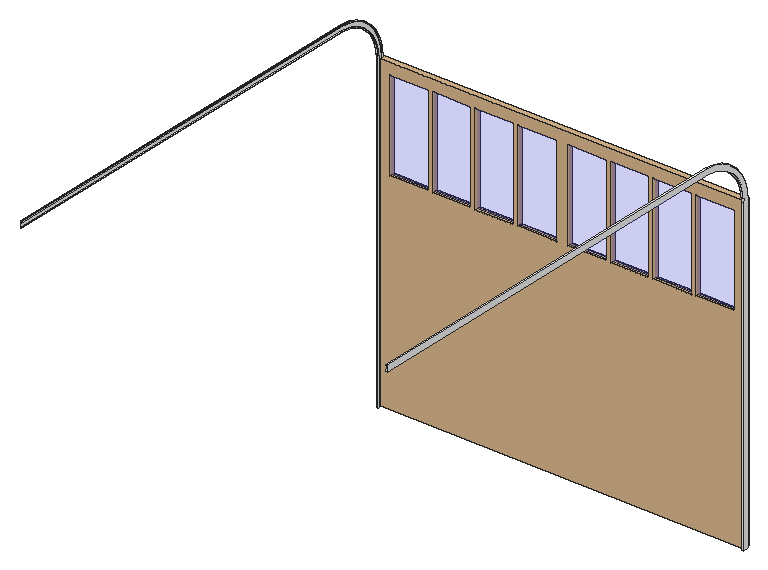
Revit family
Parameters (values of type "7Ft H x 8Ft W")
  Track Width = Width + 0' 2"  # 8' - 2"
  Track Height = Height + 1' 0"  # 8' - 0"
  Track Depth = 10' - 0"
  Track = Metal
  SmartBIM Object Version = 1  # constant formula
  SmartBIM Object Created By = "Reed Construction Data"  # constant formula
  Rough Width = 0' - 0"
  Rough Height = 0' - 0"
  Panel Thickness = 0' - 1 1/2"
  Manufacturer = ""
  Height = 7' - 0"
  Wall Closure = (empty or 0)
  Width = 8' - 0"
  Door Glass = Glass
  Door = Wood
  95 CSI = "08360"  # constant formula
  04 CSI = "08 36 13"  # constant formula
Types (3): name | Track Width | Width
  (no name) | 8' - 2" | 8' - 0"
  7Ft H x 8Ft W | 8' - 2" | 8' - 0"
  7Ft H x 16Ft W | 16' - 2" | 16' - 0"
Reference planes (in)
  plane 1 "Center (Front/Back)": y = 0
  plane 2 "Center (Left/Right)": x = 0
  plane 3 "Left": x = -48
  plane 4 "Right": x = 48
  plane 5 "Top": z = 84
  plane 6: x = -49
  plane 7: x = 49
  plane 8: y = -3.25
  plane 9: z = 29
  plane 10: z = 81
  plane 11: y = -2.5
  plane 12: y = -2.5
  plane 13 "Ext": y = -3.25
  plane 14: y = -2.5
  plane 15 "Int": y = -1.75
  plane 16: x = -24
  plane 17: x = 24
  plane 18: z = 3
  plane 19: z = 55
  plane 20: x = 12
  plane 21: x = 36
  plane 22: x = -36
  plane 23: x = -12
  plane 24: z = 56.5
  plane 25: y = -2.5
Forms (in)
  Extrusion 1, solid, material "Wood" <- "Door"
    sketch origin (0, 0, 0) x (1, 0, 0) y (0, 0, 1)
      loop
        line (-49, 84) -> (-49, 0) -> (49, 0) -> (49, 84) -> (-49, 84)
      loop
        line (-36, 81) -> (-46.5, 81) -> (-46.5, 56.5) -> (-36, 56.5) -> (-36, 81)
      loop
        line (-24.5, 81) -> (-35, 81) -> (-35, 56.5) -> (-24.5, 56.5) -> (-24.5, 81)
      loop
        line (-13, 81) -> (-23.5, 81) -> (-23.5, 56.5) -> (-13, 56.5) -> (-13, 81)
      loop
        line (-1.5, 81) -> (-12, 81) -> (-12, 56.5) -> (-1.5, 56.5) -> (-1.5, 81)
      loop
        line (1.5, 81) -> (1.5, 56.5) -> (12, 56.5) -> (12, 81) -> (1.5, 81)
      loop
        line (13, 81) -> (13, 56.5) -> (23.5, 56.5) -> (23.5, 81) -> (13, 81)
      loop
        line (24.5, 81) -> (24.5, 56.5) -> (35, 56.5) -> (35, 81) -> (24.5, 81)
      loop
        line (36, 81) -> (36, 56.5) -> (46.5, 56.5) -> (46.5, 81) -> (36, 81)
    from 1.75 to 3.25
  Extrusion 2, solid, material "Glass" <- "Door Glass"
    sketch origin (0, -3.25, 0) x (1, 0, 0) y (0, 0, 1)
      loop
        line (-46.5, 56.5) -> (-36, 56.5) -> (-36, 81) -> (-46.5, 81) -> (-46.5, 56.5)
      loop
        line (-35, 56.5) -> (-24.5, 56.5) -> (-24.5, 81) -> (-35, 81) -> (-35, 56.5)
      loop
        line (-23.5, 56.5) -> (-13, 56.5) -> (-13, 81) -> (-23.5, 81) -> (-23.5, 56.5)
      loop
        line (-12, 56.5) -> (-1.5, 56.5) -> (-1.5, 81) -> (-12, 81) -> (-12, 56.5)
      loop
        line (1.5, 56.5) -> (12, 56.5) -> (12, 81) -> (1.5, 81) -> (1.5, 56.5)
      loop
        line (13, 81) -> (13, 56.5) -> (23.5, 56.5) -> (23.5, 81) -> (13, 81)
      loop
        line (24.5, 81) -> (24.5, 56.5) -> (35, 56.5) -> (35, 81) -> (24.5, 81)
      loop
        line (36, 81) -> (36, 56.5) -> (46.5, 56.5) -> (46.5, 81) -> (36, 81)
    from -1 to -0.5
Lines and regions (in)
  Opening 1
    outline origin (-90, -1.75, 0) x (1, 0, 0) y (0, 0, 1)
      loop
        line (42, 0) -> (138, 0) -> (138, 84) -> (42, 84) -> (42, 0)
  model lines
    curve 1: line (-46.5, -3.25, 3) -> (-46.5, -3.25, 28)
    curve 2: line (46.5, -1.75, 3) -> (46.5, -1.75, 28)
    curve 3: line (-36, -3.25, 3) -> (-36, -3.25, 28)
    curve 4: line (-36, -3.25, 28) -> (-46.5, -3.25, 28)
    curve 5: line (-36, -3.25, 3) -> (-46.5, -3.25, 3)
    curve 6: line (-35, -3.25, 3) -> (-35, -3.25, 28)
    curve 7: line (-24.5, -3.25, 3) -> (-24.5, -3.25, 28)
    curve 8: line (-24.5, -3.25, 28) -> (-35, -3.25, 28)
    curve 9: line (-24.5, -3.25, 3) -> (-35, -3.25, 3)
    curve 10: line (-23.5, -3.25, 3) -> (-23.5, -3.25, 28)
    curve 11: line (-13, -3.25, 3) -> (-13, -3.25, 28)
    curve 12: line (-13, -3.25, 28) -> (-23.5, -3.25, 28)
    curve 13: line (-13, -3.25, 3) -> (-23.5, -3.25, 3)
    curve 14: line (-12, -3.25, 3) -> (-12, -3.25, 28)
    curve 15: line (-1.5, -3.25, 3) -> (-1.5, -3.25, 28)
    curve 16: line (-1.5, -3.25, 28) -> (-12, -3.25, 28)
    curve 17: line (-1.5, -3.25, 3) -> (-12, -3.25, 3)
    curve 18: line (12, -3.25, 3) -> (12, -3.25, 28)
    curve 19: line (1.5, -3.25, 3) -> (1.5, -3.25, 28)
    curve 20: line (1.5, -3.25, 28) -> (12, -3.25, 28)
    curve 21: line (1.5, -3.25, 3) -> (12, -3.25, 3)
    curve 22: line (23.5, -3.25, 3) -> (23.5, -3.25, 28)
    curve 23: line (13, -3.25, 3) -> (13, -3.25, 28)
    curve 24: line (13, -3.25, 28) -> (23.5, -3.25, 28)
    curve 25: line (13, -3.25, 3) -> (23.5, -3.25, 3)
    curve 26: line (35, -3.25, 3) -> (35, -3.25, 28)
    curve 27: line (24.5, -3.25, 3) -> (24.5, -3.25, 28)
    curve 28: line (24.5, -3.25, 28) -> (35, -3.25, 28)
    curve 29: line (24.5, -3.25, 3) -> (35, -3.25, 3)
    curve 30: line (46.5, -3.25, 3) -> (46.5, -3.25, 28)
    curve 31: line (36, -3.25, 3) -> (36, -3.25, 28)
    curve 32: line (36, -3.25, 28) -> (46.5, -3.25, 28)
    curve 33: line (36, -3.25, 3) -> (46.5, -3.25, 3)
    curve 34: line (-46.5, -3.25, 54) -> (-46.5, -3.25, 29)
    curve 35: line (-36, -3.25, 54) -> (-36, -3.25, 29)
    curve 36: line (-36, -3.25, 29) -> (-46.5, -3.25, 29)
    curve 37: line (-36, -3.25, 54) -> (-46.5, -3.25, 54)
    curve 38: line (-35, -3.25, 54) -> (-35, -3.25, 29)
    curve 39: line (-24.5, -3.25, 54) -> (-24.5, -3.25, 29)
    curve 40: line (-24.5, -3.25, 29) -> (-35, -3.25, 29)
    curve 41: line (-24.5, -3.25, 54) -> (-35, -3.25, 54)
    curve 42: line (-23.5, -3.25, 54) -> (-23.5, -3.25, 29)
    curve 43: line (-13, -3.25, 54) -> (-13, -3.25, 29)
    curve 44: line (-13, -3.25, 29) -> (-23.5, -3.25, 29)
    curve 45: line (-13, -3.25, 54) -> (-23.5, -3.25, 54)
    curve 46: line (-12, -3.25, 54) -> (-12, -3.25, 29)
    curve 47: line (-1.5, -3.25, 54) -> (-1.5, -3.25, 29)
    curve 48: line (-1.5, -3.25, 29) -> (-12, -3.25, 29)
    curve 49: line (-1.5, -3.25, 54) -> (-12, -3.25, 54)
    curve 50: line (12, -3.25, 54) -> (12, -3.25, 29)
    curve 51: line (1.5, -3.25, 54) -> (1.5, -3.25, 29)
    curve 52: line (1.5, -3.25, 29) -> (12, -3.25, 29)
    curve 53: line (1.5, -3.25, 54) -> (12, -3.25, 54)
    curve 54: line (23.5, -3.25, 54) -> (23.5, -3.25, 29)
    curve 55: line (13, -3.25, 54) -> (13, -3.25, 29)
    curve 56: line (13, -3.25, 29) -> (23.5, -3.25, 29)
    curve 57: line (13, -3.25, 54) -> (23.5, -3.25, 54)
    curve 58: line (35, -3.25, 54) -> (35, -3.25, 29)
    curve 59: line (24.5, -3.25, 54) -> (24.5, -3.25, 29)
    curve 60: line (24.5, -3.25, 29) -> (35, -3.25, 29)
    curve 61: line (24.5, -3.25, 54) -> (35, -3.25, 54)
    curve 62: line (46.5, -3.25, 54) -> (46.5, -3.25, 29)
    curve 63: line (36, -3.25, 54) -> (36, -3.25, 29)
    curve 64: line (36, -3.25, 29) -> (46.5, -3.25, 29)
    curve 65: line (36, -3.25, 54) -> (46.5, -3.25, 54)
    curve 66: line (46.5, -1.75, 28) -> (36, -1.75, 28)
    curve 67: line (36, -1.75, 3) -> (36, -1.75, 28)
    curve 68: line (36, -1.75, 3) -> (46.5, -1.75, 3)
    curve 69: line (35, -1.75, 3) -> (35, -1.75, 28)
    curve 70: line (35, -1.75, 28) -> (24.5, -1.75, 28)
    curve 71: line (24.5, -1.75, 3) -> (24.5, -1.75, 28)
    curve 72: line (24.5, -1.75, 3) -> (35, -1.75, 3)
    curve 73: line (23.5, -1.75, 3) -> (23.5, -1.75, 28)
    curve 74: line (23.5, -1.75, 28) -> (13, -1.75, 28)
    curve 75: line (13, -1.75, 3) -> (13, -1.75, 28)
    curve 76: line (13, -1.75, 3) -> (23.5, -1.75, 3)
    curve 77: line (12, -1.75, 3) -> (12, -1.75, 28)
    curve 78: line (12, -1.75, 28) -> (1.5, -1.75, 28)
    curve 79: line (1.5, -1.75, 3) -> (1.5, -1.75, 28)
    curve 80: line (1.5, -1.75, 3) -> (12, -1.75, 3)
    curve 81: line (-12, -1.75, 3) -> (-12, -1.75, 28)
    curve 82: line (-12, -1.75, 28) -> (-1.5, -1.75, 28)
    curve 83: line (-1.5, -1.75, 3) -> (-1.5, -1.75, 28)
    curve 84: line (-1.5, -1.75, 3) -> (-12, -1.75, 3)
    curve 85: line (-23.5, -1.75, 3) -> (-23.5, -1.75, 28)
    curve 86: line (-23.5, -1.75, 28) -> (-13, -1.75, 28)
    curve 87: line (-13, -1.75, 3) -> (-13, -1.75, 28)
    curve 88: line (-13, -1.75, 3) -> (-23.5, -1.75, 3)
    curve 89: line (-35, -1.75, 3) -> (-35, -1.75, 28)
    curve 90: line (-35, -1.75, 28) -> (-24.5, -1.75, 28)
    curve 91: line (-24.5, -1.75, 3) -> (-24.5, -1.75, 28)
    curve 92: line (-24.5, -1.75, 3) -> (-35, -1.75, 3)
    curve 93: line (-46.5, -1.75, 3) -> (-46.5, -1.75, 28)
    curve 94: line (-46.5, -1.75, 28) -> (-36, -1.75, 28)
    curve 95: line (-36, -1.75, 3) -> (-36, -1.75, 28)
    curve 96: line (-36, -1.75, 3) -> (-46.5, -1.75, 3)
    curve 97: line (46.5, -1.75, 54) -> (46.5, -1.75, 29)
    curve 98: line (46.5, -1.75, 29) -> (36, -1.75, 29)
    curve 99: line (36, -1.75, 54) -> (36, -1.75, 29)
    curve 100: line (36, -1.75, 54) -> (46.5, -1.75, 54)
    curve 101: line (35, -1.75, 54) -> (35, -1.75, 29)
    curve 102: line (35, -1.75, 29) -> (24.5, -1.75, 29)
    curve 103: line (24.5, -1.75, 54) -> (24.5, -1.75, 29)
    curve 104: line (24.5, -1.75, 54) -> (35, -1.75, 54)
    curve 105: line (23.5, -1.75, 54) -> (23.5, -1.75, 29)
    curve 106: line (23.5, -1.75, 29) -> (13, -1.75, 29)
    curve 107: line (13, -1.75, 54) -> (13, -1.75, 29)
    curve 108: line (13, -1.75, 54) -> (23.5, -1.75, 54)
    curve 109: line (12, -1.75, 54) -> (12, -1.75, 29)
    curve 110: line (12, -1.75, 29) -> (1.5, -1.75, 29)
    curve 111: line (1.5, -1.75, 54) -> (1.5, -1.75, 29)
    curve 112: line (1.5, -1.75, 54) -> (12, -1.75, 54)
    curve 113: line (-12, -1.75, 54) -> (-12, -1.75, 29)
    curve 114: line (-12, -1.75, 29) -> (-1.5, -1.75, 29)
    curve 115: line (-1.5, -1.75, 54) -> (-1.5, -1.75, 29)
    curve 116: line (-1.5, -1.75, 54) -> (-12, -1.75, 54)
    curve 117: line (-23.5, -1.75, 54) -> (-23.5, -1.75, 29)
    curve 118: line (-23.5, -1.75, 29) -> (-13, -1.75, 29)
    curve 119: line (-13, -1.75, 54) -> (-13, -1.75, 29)
    curve 120: line (-13, -1.75, 54) -> (-23.5, -1.75, 54)
    curve 121: line (-35, -1.75, 54) -> (-35, -1.75, 29)
    curve 122: line (-35, -1.75, 29) -> (-24.5, -1.75, 29)
    curve 123: line (-24.5, -1.75, 54) -> (-24.5, -1.75, 29)
    curve 124: line (-24.5, -1.75, 54) -> (-35, -1.75, 54)
    curve 125: line (-46.5, -1.75, 54) -> (-46.5, -1.75, 29)
    curve 126: line (-46.5, -1.75, 29) -> (-36, -1.75, 29)
    curve 127: line (-36, -1.75, 54) -> (-36, -1.75, 29)
    curve 128: line (-36, -1.75, 54) -> (-46.5, -1.75, 54)
Text (in)
  text "Exterior" at (-74.96733, 27.31104, 0), in view "Ref. Level"
  text "Interior" at (-76.69036, -30.31274, 0), in view "Ref. Level"
  text "Exterior" at (0, 40.15149, 123.01588), in view "Right"
  text "Interior" at (0, -64.39139, 123.01588), in view "Right"
  text "Interior" at (0, -31.01599, 123.00693), in view "Left"
  text "Exterior" at (0, 54.57065, 123.00693), in view "Left"
Dimensions and locks (in)
  equal spacing: plane 3 "Left", plane 2 "Center (Left/Right)", plane 4 "Right"
  "Width": plane 3 "Left" to plane 4 "Right"
  locked: plane 6 to plane 3 "Left" at 1
  locked: plane 4 "Right" to plane 7 at 1
  locked: plane 10 to plane 5 "Top" at 3
  plane 2 "Center (Left/Right)" to plane 4 "Right" = 4' - 0"
  plane 2 "Center (Left/Right)" to plane 3 "Left" = 4' - 0"
  host wall to plane 11 to plane 8 = 0' - 0 3/4", 0' - 0 3/4"
  equal spacing: plane 13 "Ext", plane 14, plane 15 "Int"
  "Panel Thickness": plane 15 "Int" to plane 13 "Ext"
  plane 5 "Top" to plane 10 = 0' - 3"
  equal spacing: plane 4 "Right", plane 21, plane 17, plane 20, plane 2 "Center (Left/Right)"
  equal spacing: plane 7, plane 2 "Center (Left/Right)", plane 6
  locked: plane 18 to level at 3
  equal spacing: plane 10, plane 19, plane 9, plane 18
  locked: plane 6 to Extrusion 1 sketch curve at 2.5
  equal spacing: plane 3 "Left", plane 22, plane 16, plane 23, plane 2 "Center (Left/Right)"
  locked: plane 2 "Center (Left/Right)" to Extrusion 1 sketch curve at 1.5
  locked: plane 22 to Extrusion 1 sketch curve at 1
  locked: plane 23 to Extrusion 1 sketch curve at 1
  equal spacing: Extrusion 1 sketch curve, plane 16, Extrusion 1 sketch curve
  locked: Extrusion 1 sketch curve to plane 2 "Center (Left/Right)" at 1.5
  locked: Extrusion 1 sketch curve to plane 21 at 1
  locked: Extrusion 1 sketch curve to plane 20 at 1
  equal spacing: Extrusion 1 sketch curve, plane 17, Extrusion 1 sketch curve
  "Height": plane 5 "Top" to level
  locked: plane 24 to plane 19 at 1.5
  locked: Extrusion 1 sketch curve to plane 19 at 1.5
  equal spacing: Extrusion 2, plane 25, Extrusion 2
  locked: Extrusion 2 to Extrusion 2 at 0.5
  locked: plane 9 to curve 4 at 1
  locked: curve 1 to plane 3 "Left" at 1.5
  equal spacing: curve 10, plane 16, curve 7
  locked: curve 10 to curve 7 at 1
  locked: curve 6 to plane 22 at 1
  locked: plane 23 to curve 11 at 1
  locked: plane 2 "Center (Left/Right)" to curve 15 at 1.5
  equal spacing: curve 27, plane 17, curve 22
  locked: curve 27 to curve 22 at 1
  locked: curve 23 to plane 20 at 1
  locked: plane 21 to curve 26 at 1
  locked: plane 4 "Right" to curve 30 at 1.5
  equal spacing: curve 19, plane 2 "Center (Left/Right)", curve 15
  curve 19 to curve 15 = 0' - 3"
  locked: plane 19 to curve 37 at 1
  locked: curve 2 to plane 4 "Right" at 1.5
  locked: curve 66 to plane 9 at 1
  equal spacing: curve 83, plane 2 "Center (Left/Right)", curve 79
  locked: curve 87 to plane 23 at 1
  locked: plane 22 to curve 89 at 1
  locked: plane 3 "Left" to curve 93 at 1.5
  locked: curve 100 to plane 19 at 1
  aligned and locked: plane 3 "Left" to Opening 1 sketch curve
  aligned and locked: plane 5 "Top" to Opening 1 sketch curve  (x2)
  aligned and locked: Opening 1 sketch curve to plane 4 "Right"
  aligned and locked: Opening 1 sketch curve to level
  aligned and locked: Extrusion 1 sketch curve to plane 6
  aligned and locked: Extrusion 1 sketch curve to plane 7
  aligned and locked: Extrusion 1 sketch curve to level
  aligned and locked: Extrusion 1 sketch curve to host wall
  aligned and locked: plane 11 to plane 12
  aligned and locked: host wall to plane 15 "Int"
  aligned and locked: plane 12 to plane 14
  aligned and locked: plane 13 "Ext" to Extrusion 1
  aligned and locked: Extrusion 1 to host wall
  aligned and locked: plane 10 to Extrusion 1 sketch curve
  aligned and locked: plane 22 to Extrusion 1 sketch curve
  aligned and locked: Extrusion 1 sketch curve to plane 23
  aligned and locked: Extrusion 1 sketch curve to plane 20
  aligned and locked: plane 21 to Extrusion 1 sketch curve
  aligned and locked: Extrusion 1 sketch curve to Extrusion 1 sketch curve  (x7)
  aligned and locked: Extrusion 2 sketch curve to Extrusion 1  (x32)
  aligned and locked: plane 25 to plane 14
  aligned and locked: curve 5 to plane 18
  aligned and locked: plane 22 to curve 3
  aligned and locked: curve 8 to curve 4
  aligned and locked: curve 12 to curve 4
  aligned and locked: curve 16 to curve 4
  aligned and locked: plane 23 to curve 14
  aligned and locked: plane 20 to curve 18
  aligned and locked: curve 16 to curve 20
  aligned and locked: plane 18 to curve 21
  aligned and locked: plane 21 to curve 31
  aligned and locked: curve 20 to curve 24
  aligned and locked: curve 24 to curve 28
  aligned and locked: curve 28 to curve 32
  aligned and locked: plane 18 to curve 33
  aligned and locked: plane 18 to curve 29
  aligned and locked: plane 18 to curve 25
  aligned and locked: plane 9 to curve 36
  aligned and locked: curve 35 to curve 3
  aligned and locked: curve 34 to curve 1
  aligned and locked: curve 41 to curve 37
  aligned and locked: curve 45 to curve 41
  aligned and locked: curve 49 to curve 45
  aligned and locked: plane 9 to curve 40
  aligned and locked: plane 9 to curve 44
  aligned and locked: plane 9 to curve 48
  aligned and locked: curve 47 to curve 15
  aligned and locked: curve 46 to curve 14
  aligned and locked: curve 43 to curve 11
  aligned and locked: curve 42 to curve 10
  aligned and locked: curve 39 to curve 7
  aligned and locked: curve 38 to curve 6
  aligned and locked: curve 51 to curve 19
  aligned and locked: curve 52 to plane 9
  aligned and locked: curve 49 to curve 53
  aligned and locked: curve 64 to plane 9
  aligned and locked: curve 60 to plane 9
  aligned and locked: curve 56 to plane 9
  aligned and locked: curve 62 to curve 30
  aligned and locked: curve 63 to curve 31
  aligned and locked: curve 58 to curve 26
  aligned and locked: curve 59 to curve 27
  aligned and locked: curve 54 to curve 22
  aligned and locked: curve 55 to curve 23
  aligned and locked: curve 53 to curve 57
  aligned and locked: curve 57 to curve 61
  aligned and locked: curve 61 to curve 65
  aligned and locked: curve 67 to plane 21
  aligned and locked: curve 68 to plane 18
  aligned and locked: curve 66 to curve 70
  aligned and locked: curve 70 to curve 74
  aligned and locked: curve 74 to curve 78
  aligned and locked: curve 77 to plane 20
  aligned and locked: curve 80 to plane 18
  aligned and locked: curve 76 to plane 18
  aligned and locked: curve 72 to plane 18
  aligned and locked: curve 81 to plane 23
  aligned and locked: plane 18 to curve 84
  aligned and locked: curve 82 to curve 78
  aligned and locked: curve 86 to curve 82
  aligned and locked: curve 90 to curve 86
  aligned and locked: curve 94 to curve 90
  aligned and locked: curve 95 to plane 22
  aligned and locked: plane 18 to curve 96
  aligned and locked: plane 18 to curve 92
  aligned and locked: plane 18 to curve 88
  aligned and locked: curve 98 to plane 9
  aligned and locked: plane 21 to curve 99
  aligned and locked: curve 97 to curve 2
  aligned and locked: curve 111 to curve 79
  aligned and locked: curve 109 to curve 77
  aligned and locked: curve 107 to curve 75
  aligned and locked: curve 105 to curve 73
  aligned and locked: curve 103 to curve 71
  aligned and locked: curve 110 to plane 9
  aligned and locked: curve 106 to plane 9
  aligned and locked: curve 102 to plane 9
  aligned and locked: curve 104 to curve 100
  aligned and locked: curve 108 to curve 104
  aligned and locked: curve 112 to curve 108
  aligned and locked: curve 115 to curve 83
  aligned and locked: curve 113 to curve 81
  aligned and locked: curve 119 to curve 87
  aligned and locked: curve 117 to curve 85
  aligned and locked: curve 123 to curve 91
  aligned and locked: curve 121 to curve 89
  aligned and locked: curve 127 to curve 95
  aligned and locked: curve 125 to curve 93
  aligned and locked: plane 9 to curve 126
  aligned and locked: plane 9 to curve 122
  aligned and locked: plane 9 to curve 118
  aligned and locked: plane 9 to curve 114
  aligned and locked: curve 112 to curve 116
  aligned and locked: curve 116 to curve 120
  aligned and locked: curve 120 to curve 124
  aligned and locked: curve 124 to curve 128
  aligned and locked: nested 1 to plane 2 "Center (Left/Right)"
  aligned and locked: nested 1 to plane 13 "Ext"
Automatic sketch dimensions
  Extrusion 1 sketch curve to plane 10 = 0' - 0"  (x7)
  Extrusion 1 sketch curve to plane 16 = 0' - 0 1/2"
  plane 4 "Right" to Extrusion 1 sketch curve = 0' - 1 1/2"
  Extrusion 1 sketch curve to plane 17 = 0' - 0 1/2"
  curve 50 to plane 20 = 0' - 0"
  curve 6 to plane 18 = 0' - 0"
  curve 10 to plane 18 = 0' - 0"
  curve 14 to plane 18 = 0' - 0"
  curve 123 to plane 16 = 0' - 0 1/2"
  plane 16 to curve 85 = 0' - 0 1/2"
  curve 84 to plane 2 "Center (Left/Right)" = 0' - 1 1/2"
  plane 20 to curve 76 = 0' - 1"
  curve 73 to plane 17 = 0' - 0 1/2"
  plane 17 to curve 103 = 0' - 0 1/2"
  curve 70 to plane 21 = 0' - 1"
  curve 101 to curve 99 = 0' - 1"
Nested families (in)
  nested 1: "Door Track" at (-0.5, -64, 0), Width <- "Track Width", Height <- "Track Height", Depth <- "Track Depth", type "Door Track"
    with Width 8' - 2", Height 8' - 0", Depth 10' - 0"
Definition of nested family "Door Track"
  Parameters
    Width [instance] = 10' - 0"
    Track = Metal
    Height [instance] = 11' - 0"
    Depth [instance] = 8' - 0"
  Reference planes (in)
    plane 1 "Center (Front/Back)": y = 0
    plane 2: z = 0
    plane 3 "Center (Left/Right)": x = 0.5
    plane 4 "Back": y = 48
    plane 5 "Front": y = -48
    plane 6 "Left": x = -59.5
    plane 7 "Right": x = 60.5
    plane 8 "Top": z = 132
    plane 9 "Center (Up/Down)": z = 66
    plane 10: y = 48.75
    plane 11: y = 49.5
  Forms (in)
    Sweep 1, solid, material "Metal" <- "Track"
      path origin (60.5, 60, 48) x (0, 1, 0) y (0, 0, 1)
        loop
          line (-12, -48) -> (-12, 72)
          arc (-12, 72) -> (-15.51472, 80.48528) -> (-24, 84) r 12
          line (-24, 84) -> (-108, 84)
      profile origin (60.5, -6, 132) x (0, 0, -1) y (1, 0, 0)
        loop
          line (-1.5, 0) -> (-1.375, 0) -> (-1.375, 0.375) -> (-0.125, 0.375) -> (-0.125, 0) -> (0, 0) -> (0, 0.5) -> (-1.5, 0.5) -> (-1.5, 0)
    Sweep 2, solid, material "Metal" <- "Track"
      path origin (-59.5, 60, 48) x (0, 1, 0) y (0, 0, 1)
        loop
          line (-12, -48) -> (-12, 72)
          arc (-12, 72) -> (-15.51472, 80.48528) -> (-24, 84) r 12
          line (-24, 84) -> (-108, 84)
      profile origin (-59.5, -6, 132) x (0, 0, -1) y (1, 0, 0)
        loop
          line (-1.5, 0) -> (-1.5, -0.5) -> (0, -0.5) -> (0, 0) -> (-0.125, 0) -> (-0.125, -0.375) -> (-1.375, -0.375) -> (-1.375, 0) -> (-1.5, 0)
  Dimensions and locks (in)
    equal spacing: plane 6 "Left", plane 3 "Center (Left/Right)", plane 7 "Right"
    "Width": plane 6 "Left" to plane 7 "Right"
    equal spacing: plane 4 "Back", plane 1 "Center (Front/Back)", plane 5 "Front"
    "Depth": plane 4 "Back" to plane 5 "Front"
    "Height": plane 8 "Top" to plane 2
    equal spacing: plane 8 "Top", plane 9 "Center (Up/Down)", level
    locked: Sweep 2 sketch curve to Sweep 2 sketch curve at 0.125  (x3)
    locked: Sweep 2 sketch curve to Sweep 2 sketch curve at 0.5  (x2)
    locked: Sweep 2 sketch curve to Sweep 2 sketch curve at 1.5
    locked: Sweep 1 sketch curve to Sweep 1 sketch curve at 0.5  (x2)
    locked: Sweep 1 sketch curve to Sweep 1 sketch curve at 0.125  (x3)
    locked: Sweep 1 sketch curve to Sweep 1 sketch curve at 1.5
    equal spacing: plane 4 "Back", plane 10, plane 11
    locked: plane 10 to plane 11 at 0.75
    radius of Sweep 1 sketch curve = 1' - 0"
    radius of Sweep 2 sketch curve = 1' - 0"
    aligned and locked: plane 8 "Top" to Sweep 1 sketch curve  (x2)
    aligned and locked: plane 5 "Front" to Sweep 1 sketch curve
    aligned and locked: plane 4 "Back" to Sweep 1 sketch curve
    aligned and locked: plane 4 "Back" to Sweep 2 sketch curve
    aligned and locked: plane 5 "Front" to Sweep 2 sketch curve
    aligned and locked: level to Sweep 2 sketch curve
    aligned and locked: Sweep 2 sketch curve to profile plane  (x2)
    aligned and locked: Sweep 1 sketch curve to profile plane
    aligned and locked: plane 11 to Sweep 1
  Automatic sketch dimensions
    Sweep 1 sketch curve to level = 0' - 0"
    Sweep 2 sketch curve to plane 8 "Top" = 0' - 0"
